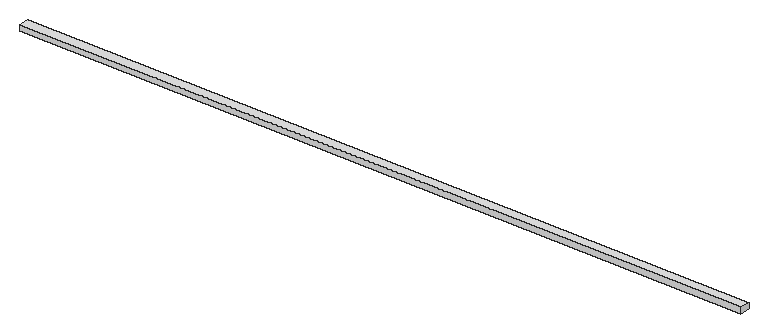
Revit family "MarshallTufflex_ElectricalFittings_TrunkingDado_Mini_MMT4a", category Generic Models, host Face, Revit 2016
Family settings
  Host = Face
  Part Type = Normal
  Can host rebar = No
  Round Connector Dimension = Use Diameter
  OmniClass Number = 23.80.30.17.14
  OmniClass Title = Wireways
  Cut with Voids When Loaded = Yes
  Shared = Yes
  Room Calculation Point = No
Parameters (values of type "MMT4")
  _DistributedBy = "www.bimstore.co.uk"
  _CurrentRevision = 1
  _CreatedBy = "www.marshall-tufflex.com"
  _BimSpecGuid = 0
  _BSBibleVersion = 15
  _AuthorizedBy = "IH"
  _Author = "Marshall-Tufflex Ltd"
  Weekly [instance] = "Please Record On Commisioning"
  WarrantyStartDate [instance] = "Please Record On Commisioning"
  WarrantyID [instance] = "Please Record On Commisioning"
  WarrantyGuarantorParts = "Sales@marshall-tufflex.com"
  WarrantyGuarantorLabor [instance] = "Please Record On Commisioning"
  WarrantyDurationUnit = "Years"
  WarrantyDurationParts = 0
  WarrantyDurationLabor = 0
  WarrantyDescription [instance] = "Please Record On Commisioning"
  URL = "www.marshall-tufflex.com"
  TypeName = "Marshall Tufflex Electrical Fitting Trunking Dado Mini"
  Type Comments = "Dado Trunking Single Compartment With Cover"
  Type = "Trunking"
  Sub-Type = "Dado"
  SquareAngleUp [instance] = no
  SquareAngleDown [instance] = no
  SpareParts = "Sales@marshall-tufflex.com"
  ShippingWeight = 0
  Shape = "38x25mm"
  SerialNumber [instance] = "Please Record On Commisioning"
  ResponsibleSourcingOfMaterials = "n/a"
  ResponsibleExtractionOfMaterials = "n/a"
  ReplacementCost = "Sales@marshall-tufflex.com"
  ReferencedStandard = "BS EN 50085-1"
  ReferenceStandard = "BS EN 50085-1"
  RadiusInternalBendCover [instance] = no
  RadiusFlatAngleCoverUp [instance] = no
  RadiusFlatAngleCoverDown [instance] = no
  RadiusFlatAngleAssemblyDown [instance] = no
  RadiusExternalBendCover [instance] = no
  RadiusExternalBendAssembly [instance] = no
  RadiusEqualTeeCoverUp [instance] = no
  RadiusEqualTeeCoverDown [instance] = no
  RadiusEqualTeeAssemblyUp [instance] = no
  RadiusEqualTeeAssemblyDown [instance] = no
  Quarterly [instance] = "Please Record On Commisioning"
  ProductionYear = "2018"
  ProductRange = "Mini"
  ProductModelNumber = "MMT4"
  ProductLiterature = "www.marshall-tufflex.com"
  OverallWidth = 25.000 mm
  OverallLength [instance] = 3000.000 mm
  OverallHeight = 38.000 mm
  O&Mmanual = "www.marshall-tufflex.com"
  NominalLength = 3000.000 mm
  NominalHeight = 38.000 mm
  NominalDepth = 25.000 mm
  NBSReference = "90-55-10/390"
  NBSOfficeMasterTag = "n/a"
  NBSObjectName = "MT MiniTrunkingMMT4"
  NBSNote = ""
  NBSDescription = "Proprietry Tunking"
  Monthly [instance] = "Please Record On Commisioning"
  ModelReference = "Mini"
  ModelNumber = "MMT4"
  Model = "Mini"
  MaterialIngredientReporting = "n/a"
  Material = "PVCu"
  ManufacturerWebsite = "www.marshall-tufflex.com"
  ManufacturerName = "Marshall-Tufflex Ltd"
  Manufacturer = "Marshall-Tufflex Ltd"
  MMT3SquareUnequalTeeUp [instance] = no
  MMT3SquareUnequalTeeDown [instance] = no
  MMT2SquareUnequalTeeUp [instance] = no
  MMT2SquareUnequalTeeDown [instance] = no
  MMT2CeilingTeeRH [instance] = no
  MMT2CeilingTeeLH [instance] = no
  MMT1SquareUnequalTeeUp [instance] = no
  MMT1SquareUnequalTeeDown [instance] = no
  LocationOfManufacturer = "N 50°52'39\" E 0°31'41\""
  LifeCycleAnalysis = "n/a"
  LidConfiguration = "Tamper Proof"
  Keynote = "V90"
  InternalBend [instance] = no
  InstallationDate [instance] = "Please Record On Commisioning"
  IfcExportType = "IfcCableSegmentType"
  IfcExportAs = "IfcFlowSegment"
  GrossWeight = 0
  GreenGuideforSpecification = 0
  Grade = "n/a"
  RadiusFlatAngleAssemblyUp [instance] = no
  Fittings = "www.marshall-tufflex.com"
  Finish = "Matt"
  Features = "Variety of sizes, self-fixing and punched options"
  ExternalBend [instance] = no
  ExpectedLife = 0
  ErPEnergyLabel = "n/a"
  EqualSquareTeeUp [instance] = no
  EqualSquareTeeDown [instance] = no
  EnvironmentalProductDeclaration = "n/a"
  EnergyTechnologyList = "n/a"
  EndCapRH [instance] = no
  EndCapLH [instance] = no
  EnclosureRating = "IP4X"
  EmbodiedCarbon = 0
  DurationUnit = "Years"
  DocumentationTechnical = "www.marshall-tufflex.com"
  DocumentationMaintenance = "www.marshall-tufflex.com"
  DocumentationLiterature = "www.marshall-tufflex.com"
  DocumentationInstallationGuide = "www.marshall-tufflex.com"
  DocumentationCertificates = "www.marshall-tufflex.com"
  Description = "Trunking Dado MT Mini MMT4"
  Default Elevation = 1200.000 mm
  Daily [instance] = "Please Record On Commisioning"
  CreatedOn = "2018-11-26T09:00:00"
  CreatedBy = "Sales@marshall-tufflex.com"
  Coupler [instance] = no
  Cost = 0
  Constituents = "Mini Trunking"
  Compartments = "No"
  Colour = "White (RAL9003)"
  Color = "White (RAL9003)"
  CodePerformance = "n/a"
  ClassificationValue = "Pr_65_70_11_61"
  ClassificationName = "Uniclass2015"
  CEApproval = "Yes"
  BespokeTimeframe [instance] = "Please Record On Commisioning"
  BarCode [instance] = "Please Record On Commisioning"
  BIMObjectName = "MarshallTufflex_ElectricalFittings_TrunkingDado_Mini_MMT4"
  AssetType = "Fixed"
  AssetIdentifier [instance] = "Please Record On Commisioning"
  Assembly Code = "D5010"
  Annually [instance] = "Please Record On Commisioning"
  AccessoryBoxDepth = "n/a"
  Accessories = "www.marshall-tufflex.com"
  AccessibilityPerformance = "n/a"
  AccessClearanceTop = 0.000 mm
  AccessClearanceRight = 0.000 mm
  AccessClearanceRear = 0.000 mm
  AccessClearanceLeft = 0.000 mm
  AccessClearanceFront = 0.000 mm
  AccessClearanceBottom = 0.000 mm
  6Monthly [instance] = "Please Record On Commisioning"
Reference planes
  plane 1 "Center (Front/Back)": y = 0
  plane 2: z = 0
  plane 3 "Center (Left/Right)": x = 0
  plane 4: x = 3000
  plane 5: y = -19
  plane 6: y = 19
  plane 7: z = 25
Forms (mm)
  Extrusion 1, solid, material "PVC, Unplasticized"
    sketch origin (0, 0, 0) x (0, 1, 0) y (0, 0, 1)
      loop
        line (19, 0) -> (19, 25) -> (-19, 25) -> (-19, 0) -> (19, 0)
    from 0 to 3000
Dimensions and locks
  "OverallLength": plane 4 to plane 3 "Center (Left/Right)"
  plane 3 "Center (Left/Right)" to plane 4 = 3000.000 mm
  equal spacing: plane 6, plane 1 "Center (Front/Back)", plane 5
  "OverallHeight": plane 6 to plane 5
  "OverallWidth": plane 7 to host face
  aligned and locked: plane 2 to host face
  aligned and locked: level to host face
  aligned and locked: plane 7 to Extrusion 1 sketch curve
  aligned and locked: Extrusion 1 sketch curve to level
  aligned and locked: Extrusion 1 sketch curve to plane 5
  aligned and locked: plane 6 to Extrusion 1 sketch curve
  aligned and locked: Extrusion 1 to plane 4
  aligned and locked: plane 1 "Center (Front/Back)" to nested 1
  aligned and locked: nested 1 to plane 4
  aligned and locked: plane 3 "Center (Left/Right)" to nested 2
  aligned and locked: plane 1 "Center (Front/Back)" to nested 2
  aligned and locked: nested 3 to plane 4
  aligned and locked: plane 1 "Center (Front/Back)" to nested 3
  aligned and locked: plane 4 to nested 5
  aligned and locked: plane 1 "Center (Front/Back)" to nested 5
  aligned and locked: nested 4 to plane 4
  aligned and locked: nested 4 to plane 1 "Center (Front/Back)"
  aligned and locked: plane 4 to nested 6
  aligned and locked: plane 1 "Center (Front/Back)" to nested 6
  aligned and locked: nested 7 to plane 4
  aligned and locked: nested 7 to plane 1 "Center (Front/Back)"
  aligned and locked: plane 4 to nested 9
  aligned and locked: plane 1 "Center (Front/Back)" to nested 9
  aligned and locked: nested 8 to plane 4
  aligned and locked: nested 8 to plane 1 "Center (Front/Back)"
  aligned and locked: plane 4 to nested 11
  aligned and locked: plane 1 "Center (Front/Back)" to nested 11
  aligned and locked: nested 10 to plane 4
  aligned and locked: nested 10 to plane 1 "Center (Front/Back)"
  aligned and locked: plane 4 to nested 13
  aligned and locked: plane 1 "Center (Front/Back)" to nested 13
  aligned and locked: nested 12 to plane 4
  aligned and locked: nested 12 to plane 1 "Center (Front/Back)"
  aligned and locked: plane 4 to nested 15
  aligned and locked: plane 1 "Center (Front/Back)" to nested 15
  aligned and locked: nested 14 to plane 4
  aligned and locked: nested 14 to plane 1 "Center (Front/Back)"
  aligned and locked: plane 4 to nested 17
  aligned and locked: plane 1 "Center (Front/Back)" to nested 17
  aligned and locked: nested 16 to plane 3 "Center (Left/Right)"
  aligned and locked: plane 1 "Center (Front/Back)" to nested 16
  aligned and locked: nested 18 to plane 4
  aligned and locked: plane 1 "Center (Front/Back)" to nested 18
  aligned and locked: nested 19 to plane 4
  aligned and locked: plane 1 "Center (Front/Back)" to nested 19
  aligned and locked: nested 20 to plane 4
  aligned and locked: plane 1 "Center (Front/Back)" to nested 20
  aligned and locked: plane 4 to nested 21
  aligned and locked: plane 1 "Center (Front/Back)" to nested 21
  aligned and locked: nested 22 to plane 4
  aligned and locked: plane 1 "Center (Front/Back)" to nested 22
  aligned and locked: nested 23 to plane 4
  aligned and locked: plane 1 "Center (Front/Back)" to nested 23
  aligned and locked: nested 24 to plane 4
  aligned and locked: plane 1 "Center (Front/Back)" to nested 24
  aligned and locked: plane 4 to nested 26
  aligned and locked: plane 1 "Center (Front/Back)" to nested 26
  aligned and locked: nested 25 to plane 4
  aligned and locked: plane 1 "Center (Front/Back)" to nested 25
  aligned and locked: nested 27 to plane 4
  aligned and locked: plane 1 "Center (Front/Back)" to nested 27
  aligned and locked: plane 4 to nested 28
  aligned and locked: plane 1 "Center (Front/Back)" to nested 28
Automatic sketch dimensions
  host sketch curve to host sketch curve = 2438.400 mm  (x2)
Nested families
  nested 1: "MarshallTufflex_ElectricalFittings_TrunkingDado_Coupler" at (2977.5, 0, 0), visible <- "Coupler", type "MarshallTufflex_ElectricalFittings_TrunkingDado_Mini_Coupler_TC4"
    with Weekly "Please Record On Commisioning", WarrantyStartDate "Please Record On Commisioning", WarrantyID "Please Record On Commisioning", WarrantyGuarantorLabor "Please Record On Commisioning", WarrantyDescription "Please Record On Commisioning", SerialNumber "Please Record On Commisioning", Quarterly "Please Record On Commisioning", Monthly "Please Record On Commisioning", InstallationDate "Please Record On Commisioning", Daily "Please Record On Commisioning", BespokeTimeframe "Please Record On Commisioning", BarCode "Please Record On Commisioning", AssetIdentifier "Please Record On Commisioning", Annually "Please Record On Commisioning", 6Monthly "Please Record On Commisioning"
  nested 2: "MarshallTufflex_ElectricalFittings_TrunkingDado_EndCap" at (-2, 0, 0), visible <- "EndCapLH", type "MarshallTufflex_ElectricalFittings_TrunkingDado_Mini_EndCap_TEC4"
    with Weekly "Please Record On Commisioning", WarrantyStartDate "Please Record On Commisioning", WarrantyID "Please Record On Commisioning", WarrantyGuarantorLabor "Please Record On Commisioning", WarrantyDescription "Please Record On Commisioning", SerialNumber "Please Record On Commisioning", Quarterly "Please Record On Commisioning", Monthly "Please Record On Commisioning", InstallationDate "Please Record On Commisioning", Daily "Please Record On Commisioning", BespokeTimeframe "Please Record On Commisioning", BarCode "Please Record On Commisioning", AssetIdentifier "Please Record On Commisioning", Annually "Please Record On Commisioning", 6Monthly "Please Record On Commisioning"
  nested 3: "MarshallTufflex_ElectricalFittings_TrunkingDado_EndCap" at (3000, 0, 0), visible <- "EndCapRH", type "MarshallTufflex_ElectricalFittings_TrunkingDado_Mini_EndCap_TEC4"
    with Weekly "Please Record On Commisioning", WarrantyStartDate "Please Record On Commisioning", WarrantyID "Please Record On Commisioning", WarrantyGuarantorLabor "Please Record On Commisioning", WarrantyDescription "Please Record On Commisioning", SerialNumber "Please Record On Commisioning", Quarterly "Please Record On Commisioning", Monthly "Please Record On Commisioning", InstallationDate "Please Record On Commisioning", Daily "Please Record On Commisioning", BespokeTimeframe "Please Record On Commisioning", BarCode "Please Record On Commisioning", AssetIdentifier "Please Record On Commisioning", Annually "Please Record On Commisioning", 6Monthly "Please Record On Commisioning"
  nested 4: "MarshallTufflex_ElectricalFittings_TrunkingDado_SquareEqualTee" at (3000, -36.5, 0) x (0, 1, 0) z (0, 0, 1), visible <- "EqualSquareTeeDown", type "MarshallTufflex_ElectricalFittings_TrunkingDado_Mini_EqualSquareTee_TT4-4"
    with Weekly "Please Record On Commisioning", WarrantyStartDate "Please Record On Commisioning", WarrantyID "Please Record On Commisioning", WarrantyGuarantorLabor "Please Record On Commisioning", WarrantyDescription "Please Record On Commisioning", SerialNumber "Please Record On Commisioning", Quarterly "Please Record On Commisioning", Monthly "Please Record On Commisioning", InstallationDate "Please Record On Commisioning", Daily "Please Record On Commisioning", BespokeTimeframe "Please Record On Commisioning", BarCode "Please Record On Commisioning", AssetIdentifier "Please Record On Commisioning", Annually "Please Record On Commisioning", 6Monthly "Please Record On Commisioning"
  nested 5: "MarshallTufflex_ElectricalFittings_TrunkingDado_SquareEqualTee" at (3000, 36.5, 0) x (0, -1, 0) z (0, 0, 1), visible <- "EqualSquareTeeUp", type "MarshallTufflex_ElectricalFittings_TrunkingDado_Mini_EqualSquareTee_TT4-4"
    with Weekly "Please Record On Commisioning", WarrantyStartDate "Please Record On Commisioning", WarrantyID "Please Record On Commisioning", WarrantyGuarantorLabor "Please Record On Commisioning", WarrantyDescription "Please Record On Commisioning", SerialNumber "Please Record On Commisioning", Quarterly "Please Record On Commisioning", Monthly "Please Record On Commisioning", InstallationDate "Please Record On Commisioning", Daily "Please Record On Commisioning", BespokeTimeframe "Please Record On Commisioning", BarCode "Please Record On Commisioning", AssetIdentifier "Please Record On Commisioning", Annually "Please Record On Commisioning", 6Monthly "Please Record On Commisioning"
  nested 6: "MarshallTufflex_ElectricalFittings_TrunkingDado_RadiusEqualTeeAssembly" at (3000, 86.5, 0) x (0, -1, 0) z (0, 0, 1), visible <- "RadiusEqualTeeAssemblyUp", type "MarshallTufflex_ElectricalFittings_TrunkingDado_Mini_RadiusEqualTeeAssembly_TDT4-4"
    with Weekly "Please Record On Commisioning", WarrantyStartDate "Please Record On Commisioning", WarrantyID "Please Record On Commisioning", WarrantyGuarantorLabor "Please Record On Commisioning", WarrantyDescription "Please Record On Commisioning", SerialNumber "Please Record On Commisioning", Quarterly "Please Record On Commisioning", Monthly "Please Record On Commisioning", InstallationDate "Please Record On Commisioning", Daily "Please Record On Commisioning", BespokeTimeframe "Please Record On Commisioning", BarCode "Please Record On Commisioning", AssetIdentifier "Please Record On Commisioning", Annually "Please Record On Commisioning", 6Monthly "Please Record On Commisioning"
  nested 7: "MarshallTufflex_ElectricalFittings_TrunkingDado_RadiusEqualTeeAssembly" at (3000, -86.5, 0) x (0, 1, 0) z (0, 0, 1), visible <- "RadiusEqualTeeAssemblyDown", type "MarshallTufflex_ElectricalFittings_TrunkingDado_Mini_RadiusEqualTeeAssembly_TDT4-4"
    with Weekly "Please Record On Commisioning", WarrantyStartDate "Please Record On Commisioning", WarrantyID "Please Record On Commisioning", WarrantyGuarantorLabor "Please Record On Commisioning", WarrantyDescription "Please Record On Commisioning", SerialNumber "Please Record On Commisioning", Quarterly "Please Record On Commisioning", Monthly "Please Record On Commisioning", InstallationDate "Please Record On Commisioning", Daily "Please Record On Commisioning", BespokeTimeframe "Please Record On Commisioning", BarCode "Please Record On Commisioning", AssetIdentifier "Please Record On Commisioning", Annually "Please Record On Commisioning", 6Monthly "Please Record On Commisioning"
  nested 8: "MarshallTufflex_ElectricalFittings_TrunkingDado_RadiusEqualTeeCover" at (3000, -86.5, 0) x (0, 1, 0) z (0, 0, 1), visible <- "RadiusEqualTeeCoverDown", type "MarshallTufflex_ElectricalFittings_TrunkingDado_Mini_RadiusEqualTeeCover_TDT4-4C"
    with Weekly "Please Record On Commisioning", WarrantyStartDate "Please Record On Commisioning", WarrantyID "Please Record On Commisioning", WarrantyGuarantorLabor "Please Record On Commisioning", WarrantyDescription "Please Record On Commisioning", SerialNumber "Please Record On Commisioning", Quarterly "Please Record On Commisioning", Monthly "Please Record On Commisioning", InstallationDate "Please Record On Commisioning", Daily "Please Record On Commisioning", BespokeTimeframe "Please Record On Commisioning", BarCode "Please Record On Commisioning", AssetIdentifier "Please Record On Commisioning", Annually "Please Record On Commisioning", 6Monthly "Please Record On Commisioning"
  nested 9: "MarshallTufflex_ElectricalFittings_TrunkingDado_RadiusEqualTeeCover" at (3000, 86.5, 0) x (0, -1, 0) z (0, 0, 1), visible <- "RadiusEqualTeeCoverUp", type "MarshallTufflex_ElectricalFittings_TrunkingDado_Mini_RadiusEqualTeeCover_TDT4-4C"
    with Weekly "Please Record On Commisioning", WarrantyStartDate "Please Record On Commisioning", WarrantyID "Please Record On Commisioning", WarrantyGuarantorLabor "Please Record On Commisioning", WarrantyDescription "Please Record On Commisioning", SerialNumber "Please Record On Commisioning", Quarterly "Please Record On Commisioning", Monthly "Please Record On Commisioning", InstallationDate "Please Record On Commisioning", Daily "Please Record On Commisioning", BespokeTimeframe "Please Record On Commisioning", BarCode "Please Record On Commisioning", AssetIdentifier "Please Record On Commisioning", Annually "Please Record On Commisioning", 6Monthly "Please Record On Commisioning"
  nested 10: "MarshallTufflex_ElectricalFittings_TrunkingDado_SquareUnequalTee" at (3000, -36.5, 0) x (0, 1, 0) z (0, 0, 1), visible <- "MMT1SquareUnequalTeeDown", type "MarshallTufflex_ElectricalFittings_TrunkingDado_Mini_SquareUnequalTee_TT4-1"
    with Weekly "Please Record On Commisioning", WarrantyStartDate "Please Record On Commisioning", WarrantyID "Please Record On Commisioning", WarrantyGuarantorLabor "Please Record On Commisioning", WarrantyDescription "Please Record On Commisioning", SerialNumber "Please Record On Commisioning", Quarterly "Please Record On Commisioning", Monthly "Please Record On Commisioning", InstallationDate "Please Record On Commisioning", Daily "Please Record On Commisioning", BespokeTimeframe "Please Record On Commisioning", BarCode "Please Record On Commisioning", AssetIdentifier "Please Record On Commisioning", Annually "Please Record On Commisioning", 6Monthly "Please Record On Commisioning"
  nested 11: "MarshallTufflex_ElectricalFittings_TrunkingDado_SquareUnequalTee" at (3000, 36.5, 0) x (0, -1, 0) z (0, 0, 1), visible <- "MMT1SquareUnequalTeeUp", type "MarshallTufflex_ElectricalFittings_TrunkingDado_Mini_SquareUnequalTee_TT4-1"
    with Weekly "Please Record On Commisioning", WarrantyStartDate "Please Record On Commisioning", WarrantyID "Please Record On Commisioning", WarrantyGuarantorLabor "Please Record On Commisioning", WarrantyDescription "Please Record On Commisioning", SerialNumber "Please Record On Commisioning", Quarterly "Please Record On Commisioning", Monthly "Please Record On Commisioning", InstallationDate "Please Record On Commisioning", Daily "Please Record On Commisioning", BespokeTimeframe "Please Record On Commisioning", BarCode "Please Record On Commisioning", AssetIdentifier "Please Record On Commisioning", Annually "Please Record On Commisioning", 6Monthly "Please Record On Commisioning"
  nested 12: "MarshallTufflex_ElectricalFittings_TrunkingDado_SquareUnequalTee" at (3000, -36.5, 0) x (0, 1, 0) z (0, 0, 1), visible <- "MMT2SquareUnequalTeeDown", type "MarshallTufflex_ElectricalFittings_TrunkingDado_Mini_SquareUnequalTee_TT4-2"
    with Weekly "Please Record On Commisioning", WarrantyStartDate "Please Record On Commisioning", WarrantyID "Please Record On Commisioning", WarrantyGuarantorLabor "Please Record On Commisioning", WarrantyDescription "Please Record On Commisioning", SerialNumber "Please Record On Commisioning", Quarterly "Please Record On Commisioning", Monthly "Please Record On Commisioning", InstallationDate "Please Record On Commisioning", Daily "Please Record On Commisioning", BespokeTimeframe "Please Record On Commisioning", BarCode "Please Record On Commisioning", AssetIdentifier "Please Record On Commisioning", Annually "Please Record On Commisioning", 6Monthly "Please Record On Commisioning"
  nested 13: "MarshallTufflex_ElectricalFittings_TrunkingDado_SquareUnequalTee" at (3000, 36.5, 0) x (0, -1, 0) z (0, 0, 1), visible <- "MMT2SquareUnequalTeeUp", type "MarshallTufflex_ElectricalFittings_TrunkingDado_Mini_SquareUnequalTee_TT4-2"
    with Weekly "Please Record On Commisioning", WarrantyStartDate "Please Record On Commisioning", WarrantyID "Please Record On Commisioning", WarrantyGuarantorLabor "Please Record On Commisioning", WarrantyDescription "Please Record On Commisioning", SerialNumber "Please Record On Commisioning", Quarterly "Please Record On Commisioning", Monthly "Please Record On Commisioning", InstallationDate "Please Record On Commisioning", Daily "Please Record On Commisioning", BespokeTimeframe "Please Record On Commisioning", BarCode "Please Record On Commisioning", AssetIdentifier "Please Record On Commisioning", Annually "Please Record On Commisioning", 6Monthly "Please Record On Commisioning"
  nested 14: "MarshallTufflex_ElectricalFittings_TrunkingDado_SquareUnequalTee" at (3000, -36.5, 0) x (0, 1, 0) z (0, 0, 1), visible <- "MMT3SquareUnequalTeeDown", type "MarshallTufflex_ElectricalFittings_TrunkingDado_Mini_SquareUnequalTee_TT4-3"
    with Weekly "Please Record On Commisioning", WarrantyStartDate "Please Record On Commisioning", WarrantyID "Please Record On Commisioning", WarrantyGuarantorLabor "Please Record On Commisioning", WarrantyDescription "Please Record On Commisioning", SerialNumber "Please Record On Commisioning", Quarterly "Please Record On Commisioning", Monthly "Please Record On Commisioning", InstallationDate "Please Record On Commisioning", Daily "Please Record On Commisioning", BespokeTimeframe "Please Record On Commisioning", BarCode "Please Record On Commisioning", AssetIdentifier "Please Record On Commisioning", Annually "Please Record On Commisioning", 6Monthly "Please Record On Commisioning"
  nested 15: "MarshallTufflex_ElectricalFittings_TrunkingDado_SquareUnequalTee" at (3000, 36.5, 0) x (0, -1, 0) z (0, 0, 1), visible <- "MMT3SquareUnequalTeeUp", type "MarshallTufflex_ElectricalFittings_TrunkingDado_Mini_SquareUnequalTee_TT4-3"
    with Weekly "Please Record On Commisioning", WarrantyStartDate "Please Record On Commisioning", WarrantyID "Please Record On Commisioning", WarrantyGuarantorLabor "Please Record On Commisioning", WarrantyDescription "Please Record On Commisioning", SerialNumber "Please Record On Commisioning", Quarterly "Please Record On Commisioning", Monthly "Please Record On Commisioning", InstallationDate "Please Record On Commisioning", Daily "Please Record On Commisioning", BespokeTimeframe "Please Record On Commisioning", BarCode "Please Record On Commisioning", AssetIdentifier "Please Record On Commisioning", Annually "Please Record On Commisioning", 6Monthly "Please Record On Commisioning"
  nested 16: "MarshallTufflex_ElectricalFittings_TrunkingDado_CeilingTee" at (0, 20.5, 0) x (0, -1, 0) z (0, 0, 1), visible <- "MMT2CeilingTeeLH", type "MarshallTufflex_ElectricalFittings_TrunkingDado_Mini_CeilingTee_TCT4-2"
    with Weekly "Please Record On Commisioning", WarrantyStartDate "Please Record On Commisioning", WarrantyID "Please Record On Commisioning", WarrantyGuarantorLabor "Please Record On Commisioning", WarrantyDescription "Please Record On Commisioning", SerialNumber "Please Record On Commisioning", Quarterly "Please Record On Commisioning", Monthly "Please Record On Commisioning", InstallationDate "Please Record On Commisioning", Daily "Please Record On Commisioning", BespokeTimeframe "Please Record On Commisioning", BarCode "Please Record On Commisioning", AssetIdentifier "Please Record On Commisioning", Annually "Please Record On Commisioning", 6Monthly "Please Record On Commisioning"
  nested 17: "MarshallTufflex_ElectricalFittings_TrunkingDado_CeilingTee" at (3000, 20.5, 0) x (0, -1, 0) z (0, 0, 1), visible <- "MMT2CeilingTeeRH", type "MarshallTufflex_ElectricalFittings_TrunkingDado_Mini_CeilingTee_TCT4-2"
    with Weekly "Please Record On Commisioning", WarrantyStartDate "Please Record On Commisioning", WarrantyID "Please Record On Commisioning", WarrantyGuarantorLabor "Please Record On Commisioning", WarrantyDescription "Please Record On Commisioning", SerialNumber "Please Record On Commisioning", Quarterly "Please Record On Commisioning", Monthly "Please Record On Commisioning", InstallationDate "Please Record On Commisioning", Daily "Please Record On Commisioning", BespokeTimeframe "Please Record On Commisioning", BarCode "Please Record On Commisioning", AssetIdentifier "Please Record On Commisioning", Annually "Please Record On Commisioning", 6Monthly "Please Record On Commisioning"
  nested 18: "MarshallTufflex_ElectricalFittings_TrunkingDado_InternalBend" at (3000, 0, 0), visible <- "InternalBend", type "MarshallTufflex_ElectricalFittings_TrunkingDado_Mini_InternalBend_TIB4"
    with Weekly "Please Record On Commisioning", WarrantyStartDate "Please Record On Commisioning", WarrantyID "Please Record On Commisioning", WarrantyGuarantorLabor "Please Record On Commisioning", WarrantyDescription "Please Record On Commisioning", SerialNumber "Please Record On Commisioning", Quarterly "Please Record On Commisioning", Monthly "Please Record On Commisioning", InstallationDate "Please Record On Commisioning", Daily "Please Record On Commisioning", BespokeTimeframe "Please Record On Commisioning", BarCode "Please Record On Commisioning", AssetIdentifier "Please Record On Commisioning", Annually "Please Record On Commisioning", 6Monthly "Please Record On Commisioning"
  nested 19: "MarshallTufflex_ElectricalFittings_TrunkingDado_ExternalBend" at (3000, 0, 0), visible <- "ExternalBend", type "MarshallTufflex_ElectricalFittings_TrunkingDado_Mini_ExternalBend_TEB4"
    with Weekly "Please Record On Commisioning", WarrantyStartDate "Please Record On Commisioning", WarrantyID "Please Record On Commisioning", WarrantyGuarantorLabor "Please Record On Commisioning", WarrantyDescription "Please Record On Commisioning", SerialNumber "Please Record On Commisioning", Quarterly "Please Record On Commisioning", Monthly "Please Record On Commisioning", InstallationDate "Please Record On Commisioning", Daily "Please Record On Commisioning", BespokeTimeframe "Please Record On Commisioning", BarCode "Please Record On Commisioning", AssetIdentifier "Please Record On Commisioning", Annually "Please Record On Commisioning", 6Monthly "Please Record On Commisioning"
  nested 20: "MarshallTufflex_ElectricalFittings_TrunkingDado_SquareAngle" at (3000, 0, 0), visible <- "SquareAngleDown", type "MarshallTufflex_ElectricalFittings_TrunkingDado_Mini_SquareAngle_TFB4"
    with Weekly "Please Record On Commisioning", WarrantyStartDate "Please Record On Commisioning", WarrantyID "Please Record On Commisioning", WarrantyGuarantorLabor "Please Record On Commisioning", WarrantyDescription "Please Record On Commisioning", SerialNumber "Please Record On Commisioning", Quarterly "Please Record On Commisioning", Monthly "Please Record On Commisioning", InstallationDate "Please Record On Commisioning", Daily "Please Record On Commisioning", BespokeTimeframe "Please Record On Commisioning", BarCode "Please Record On Commisioning", AssetIdentifier "Please Record On Commisioning", Annually "Please Record On Commisioning", 6Monthly "Please Record On Commisioning"
  nested 21: "MarshallTufflex_ElectricalFittings_TrunkingDado_SquareAngle" at (3000, 0, 0) x (0, -1, 0) z (0, 0, 1), visible <- "SquareAngleUp", type "MarshallTufflex_ElectricalFittings_TrunkingDado_Mini_SquareAngle_TFB4"
    with Weekly "Please Record On Commisioning", WarrantyStartDate "Please Record On Commisioning", WarrantyID "Please Record On Commisioning", WarrantyGuarantorLabor "Please Record On Commisioning", WarrantyDescription "Please Record On Commisioning", SerialNumber "Please Record On Commisioning", Quarterly "Please Record On Commisioning", Monthly "Please Record On Commisioning", InstallationDate "Please Record On Commisioning", Daily "Please Record On Commisioning", BespokeTimeframe "Please Record On Commisioning", BarCode "Please Record On Commisioning", AssetIdentifier "Please Record On Commisioning", Annually "Please Record On Commisioning", 6Monthly "Please Record On Commisioning"
  nested 22: "MarshallTufflex_ElectricalFittings_TrunkingDado_RadiusInternalBendCover" at (3000, 0, 0), visible <- "RadiusInternalBendCover", type "MarshallTufflex_ElectricalFittings_TrunkingDado_Mini_RadiusInternalBendCover_TIDB4C"
    with Weekly "Please Record On Commisioning", WarrantyStartDate "Please Record On Commisioning", WarrantyID "Please Record On Commisioning", WarrantyGuarantorLabor "Please Record On Commisioning", WarrantyDescription "Please Record On Commisioning", SerialNumber "Please Record On Commisioning", Quarterly "Please Record On Commisioning", Monthly "Please Record On Commisioning", InstallationDate "Please Record On Commisioning", Daily "Please Record On Commisioning", BespokeTimeframe "Please Record On Commisioning", BarCode "Please Record On Commisioning", AssetIdentifier "Please Record On Commisioning", Annually "Please Record On Commisioning", 6Monthly "Please Record On Commisioning"
  nested 23: "MarshallTufflex_ElectricalFittings_TrunkingDado_RadiusExternalBend" at (3000, 0, 0), visible <- "RadiusExternalBendAssembly", type "MarshallTufflex_ElectricalFittings_TrunkingDado_Mini_RadiusExternalBendAssembly_TEDB4"
    with Weekly "Please Record On Commisioning", WarrantyStartDate "Please Record On Commisioning", WarrantyID "Please Record On Commisioning", WarrantyGuarantorLabor "Please Record On Commisioning", WarrantyDescription "Please Record On Commisioning", SerialNumber "Please Record On Commisioning", Quarterly "Please Record On Commisioning", Monthly "Please Record On Commisioning", InstallationDate "Please Record On Commisioning", Daily "Please Record On Commisioning", BespokeTimeframe "Please Record On Commisioning", BarCode "Please Record On Commisioning", AssetIdentifier "Please Record On Commisioning", Annually "Please Record On Commisioning", 6Monthly "Please Record On Commisioning"
  nested 24: "MarshallTufflex_ElectricalFittings_TrunkingDado_RadiusExternalBend" at (3000, 0, 0), visible <- "RadiusExternalBendCover", type "MarshallTufflex_ElectricalFittings_TrunkingDado_Mini_RadiusExternalBendCover_TEDB4C"
    with Weekly "Please Record On Commisioning", WarrantyStartDate "Please Record On Commisioning", WarrantyID "Please Record On Commisioning", WarrantyGuarantorLabor "Please Record On Commisioning", WarrantyDescription "Please Record On Commisioning", SerialNumber "Please Record On Commisioning", Quarterly "Please Record On Commisioning", Monthly "Please Record On Commisioning", InstallationDate "Please Record On Commisioning", Daily "Please Record On Commisioning", BespokeTimeframe "Please Record On Commisioning", BarCode "Please Record On Commisioning", AssetIdentifier "Please Record On Commisioning", Annually "Please Record On Commisioning", 6Monthly "Please Record On Commisioning"
  nested 25: "MarshallTufflex_ElectricalFittings_TrunkingDado_RadiusFlatAngle" at (3000, 0, 0), visible <- "RadiusFlatAngleAssemblyDown", type "MarshallTufflex_ElectricalFittings_TrunkingDado_Mini_RadiusFlatAngleAssembly_TFDB4"
    with Weekly "Please Record On Commisioning", WarrantyStartDate "Please Record On Commisioning", WarrantyID "Please Record On Commisioning", WarrantyGuarantorLabor "Please Record On Commisioning", WarrantyDescription "Please Record On Commisioning", SerialNumber "Please Record On Commisioning", Quarterly "Please Record On Commisioning", Monthly "Please Record On Commisioning", InstallationDate "Please Record On Commisioning", Daily "Please Record On Commisioning", BespokeTimeframe "Please Record On Commisioning", BarCode "Please Record On Commisioning", AssetIdentifier "Please Record On Commisioning", Annually "Please Record On Commisioning", 6Monthly "Please Record On Commisioning"
  nested 26: "MarshallTufflex_ElectricalFittings_TrunkingDado_RadiusFlatAngle" at (3000, 0, 0) x (0, -1, 0) z (0, 0, 1), visible <- "RadiusFlatAngleAssemblyUp", type "MarshallTufflex_ElectricalFittings_TrunkingDado_Mini_RadiusFlatAngleAssembly_TFDB4"
    with Weekly "Please Record On Commisioning", WarrantyStartDate "Please Record On Commisioning", WarrantyID "Please Record On Commisioning", WarrantyGuarantorLabor "Please Record On Commisioning", WarrantyDescription "Please Record On Commisioning", SerialNumber "Please Record On Commisioning", Quarterly "Please Record On Commisioning", Monthly "Please Record On Commisioning", InstallationDate "Please Record On Commisioning", Daily "Please Record On Commisioning", BespokeTimeframe "Please Record On Commisioning", BarCode "Please Record On Commisioning", AssetIdentifier "Please Record On Commisioning", Annually "Please Record On Commisioning", 6Monthly "Please Record On Commisioning"
  nested 27: "MarshallTufflex_ElectricalFittings_TrunkingDado_RadiusFlatAngle" at (3000, 0, 0), visible <- "RadiusFlatAngleCoverDown", type "MarshallTufflex_ElectricalFittings_TrunkingDado_Mini_RadiusFlatAngleCover_TFDB4C"
    with Weekly "Please Record On Commisioning", WarrantyStartDate "Please Record On Commisioning", WarrantyID "Please Record On Commisioning", WarrantyGuarantorLabor "Please Record On Commisioning", WarrantyDescription "Please Record On Commisioning", SerialNumber "Please Record On Commisioning", Quarterly "Please Record On Commisioning", Monthly "Please Record On Commisioning", InstallationDate "Please Record On Commisioning", Daily "Please Record On Commisioning", BespokeTimeframe "Please Record On Commisioning", BarCode "Please Record On Commisioning", AssetIdentifier "Please Record On Commisioning", Annually "Please Record On Commisioning", 6Monthly "Please Record On Commisioning"
  nested 28: "MarshallTufflex_ElectricalFittings_TrunkingDado_RadiusFlatAngle" at (3000, 0, 0) x (0, -1, 0) z (0, 0, 1), visible <- "RadiusFlatAngleCoverUp", type "MarshallTufflex_ElectricalFittings_TrunkingDado_Mini_RadiusFlatAngleCover_TFDB4C"
    with Weekly "Please Record On Commisioning", WarrantyStartDate "Please Record On Commisioning", WarrantyID "Please Record On Commisioning", WarrantyGuarantorLabor "Please Record On Commisioning", WarrantyDescription "Please Record On Commisioning", SerialNumber "Please Record On Commisioning", Quarterly "Please Record On Commisioning", Monthly "Please Record On Commisioning", InstallationDate "Please Record On Commisioning", Daily "Please Record On Commisioning", BespokeTimeframe "Please Record On Commisioning", BarCode "Please Record On Commisioning", AssetIdentifier "Please Record On Commisioning", Annually "Please Record On Commisioning", 6Monthly "Please Record On Commisioning"
Definition of nested family "MarshallTufflex_ElectricalFittings_TrunkingDado_Coupler"
  Parameters (values of type "MarshallTufflex_ElectricalFittings_TrunkingDado_Mini_Coupler_TC6")
    _DistributedBy = "www.bimstore.co.uk"
    _CurrentRevision = 1
    _CreatedBy = "www.marshall-tufflex.com"
    _BimSpecGuid = 0
    _BSBibleVersion = 15
    _AuthorizedBy = ""
    _Author = "Marshall-Tufflex Ltd"
    Weekly [instance] = "Please Record On Commisioning"
    WarrantyStartDate [instance] = "Please Record On Commisioning"
    WarrantyID [instance] = "Please Record On Commisioning"
    WarrantyGuarantorParts = "Sales@marshall-tufflex.com"
    WarrantyGuarantorLabor [instance] = "Please Record On Commisioning"
    WarrantyDurationUnit = "Years"
    WarrantyDurationParts = 0
    WarrantyDurationLabor = 0
    WarrantyDescription [instance] = "Please Record On Commisioning"
    URL = "www.marshall-tufflex.com"
    TypeName = "Marshall Tufflex Electrical Fitting Trunking Dado Mini"
    Type Comments = "Dado Trunking MMT6 Coupler"
    Type = "Trunking"
    Sub-Type = "Fitting"
    SpareParts = "Sales@marshall-tufflex.com"
    ShippingWeight = 0
    Shape = "40x40mm"
    SerialNumber [instance] = "Please Record On Commisioning"
    ResponsibleSourcingOfMaterials = "n/a"
    ResponsibleExtractionOfMaterials = "n/a"
    ReplacementCost = "Sales@marshall-tufflex.com"
    ReferencedStandard = "BS EN 50085-1"
    ReferenceStandard = "BS EN 50085-1"
    Quarterly [instance] = "Please Record On Commisioning"
    ProductionYear = "2018"
    ProductRange = "Mini"
    ProductModelNumber = "TC6"
    ProductLiterature = "www.marshall-tufflex.com"
    OverallWidth = 40.000 mm
    OverallLength = 50.000 mm
    OverallHeight = 40.000 mm
    O&Mmanual = "www.marshall-tufflex.com"
    NominalLength = 50.000 mm
    NominalHeight = 40.000 mm
    NominalDepth = 40.000 mm
    NBSReference = "90-55-10/390"
    NBSOfficeMasterTag = "n/a"
    NBSObjectName = "MT MiniCouplerTC6"
    NBSNote = ""
    NBSDescription = "Proprietry Tunking"
    Monthly [instance] = "Please Record On Commisioning"
    ModelReference = "Mini"
    ModelNumber = "TC6"
    Model = "Mini"
    MaterialIngredientReporting = "n/a"
    Material = "PVCu"
    ManufacturerWebsite = "www.marshall-tufflex.com"
    ManufacturerName = "Marshall-Tufflex Ltd"
    Manufacturer = "Marshall-Tufflex Ltd"
    LocationOfManufacturer = "N 50°52'39\" E 0°31'41\""
    LifeCycleAnalysis = "n/a"
    LidConfiguration = "Tamper Proof"
    Keynote = "V90"
    InstallationDate [instance] = "Please Record On Commisioning"
    IfcExportType = "IfcCableSegmentType"
    IfcExportAs = "IfcFlowSegment"
    GrossWeight = 0
    GreenGuideforSpecification = 0
    Grade = "n/a"
    Fittings = "www.marshall-tufflex.com"
    Finish = "Matt"
    Features = "Variety of sizes, self-fixing and punched options"
    ExpectedLife = 0
    ErPEnergyLabel = "n/a"
    EnvironmentalProductDeclaration = "n/a"
    EnergyTechnologyList = "n/a"
    EnclosureRating = "IP4X"
    EmbodiedCarbon = 0
    DurationUnit = "Years"
    DocumentationTechnical = "www.marshall-tufflex.com"
    DocumentationMaintenance = "www.marshall-tufflex.com"
    DocumentationLiterature = "www.marshall-tufflex.com"
    DocumentationInstallationGuide = "www.marshall-tufflex.com"
    DocumentationCertificates = "www.marshall-tufflex.com"
    Description = "Trunking Dado MT Mini Coupler TC6"
    Default Elevation = 1200.000 mm
    DatumLine = OverallLength / 2  # 25.000 mm
    Daily [instance] = "Please Record On Commisioning"
    CreatedOn = "2018-11-26T09:00:00"
    CreatedBy = "Sales@marshall-tufflex.com"
    Cost = 0
    Constituents = "Mini Trunking"
    Compartments = "No"
    Colour = "White (RAL9003)"
    Color = "White (RAL9003)"
    CodePerformance = "n/a"
    ClassificationValue = "Pr_65_70_11_61"
    ClassificationName = "Uniclass2015"
    CEApproval = "Yes"
    BespokeTimeframe [instance] = "Please Record On Commisioning"
    BarCode [instance] = "Please Record On Commisioning"
    BIMObjectName = "MarshallTufflex_ElectricalFittings_TrunkingDado_Mini_Coupler_TC6"
    AssetType = "Fixed"
    AssetIdentifier [instance] = "Please Record On Commisioning"
    Assembly Code = "D5010"
    Annually [instance] = "Please Record On Commisioning"
    AccessoryBoxDepth = "n/a"
    Accessories = "www.marshall-tufflex.com"
    AccessibilityPerformance = "n/a"
    AccessClearanceTop = 0.000 mm
    AccessClearanceRight = 0.000 mm
    AccessClearanceRear = 0.000 mm
    AccessClearanceLeft = 0.000 mm
    AccessClearanceFront = 0.000 mm
    AccessClearanceBottom = 0.000 mm
    6Monthly [instance] = "Please Record On Commisioning"
  Types (6, lengths in mm): name | Type Comments | Shape | ProductModelNumber | OverallWidth | OverallLength | OverallHeight | NominalLength | NominalHeight | NominalDepth | NBSObjectName | ModelNumber | Description | DatumLine | BIMObjectName
    MarshallTufflex_ElectricalFittings_TrunkingDado_Mini_Coupler_TC1 | "Dado Trunking MMT1 Coupler" | "19x18mm" | "TC1" | 18.000 | 45.000 | 19.000 | 45.000 | 19.000 | 18.000 | "MT MiniCouplerTC1" | "TC1" | "Trunking Dado MT Mini Coupler TC1" | 22.500 | "MarshallTufflex_ElectricalFittings_TrunkingDado_Mini_Coupler_TC1"
    MarshallTufflex_ElectricalFittings_TrunkingDado_Mini_Coupler_TC2 | "Dado Trunking MMT2 Coupler" | "28x18mm" | "TC2" | 18.000 | 45.000 | 28.000 | 45.000 | 28.000 | 18.000 | "MT MiniCouplerTC2" | "TC2" | "Trunking Dado MT Mini Coupler TC2" | 22.500 | "MarshallTufflex_ElectricalFittings_TrunkingDado_Mini_Coupler_TC2"
    MarshallTufflex_ElectricalFittings_TrunkingDado_Mini_Coupler_TC3 | "Dado Trunking MMT3 Coupler" | "41x18mm" | "TC3" | 18.000 | 45.000 | 41.000 | 45.000 | 41.000 | 18.000 | "MT MiniCouplerTC3" | "TC3" | "Trunking Dado MT Mini Coupler TC3" | 22.500 | "MarshallTufflex_ElectricalFittings_TrunkingDado_Mini_Coupler_TC3"
    MarshallTufflex_ElectricalFittings_TrunkingDado_Mini_Coupler_TC4 | "Dado Trunking MMT4 Coupler" | "41x27mm" | "TC4" | 27.000 | 45.000 | 41.000 | 45.000 | 41.000 | 27.000 | "MT MiniCouplerTC4" | "TC4" | "Trunking Dado MT Mini Coupler TC4" | 22.500 | "MarshallTufflex_ElectricalFittings_TrunkingDado_Mini_Coupler_TC4"
    MarshallTufflex_ElectricalFittings_TrunkingDado_Mini_Coupler_TC5 | "Dado Trunking MMT5 Coupler" | "53x27mm" | "TC5" | 27.000 | 85.000 | 53.000 | 85.000 | 53.000 | 27.000 | "MT MiniCouplerTC5" | "TC5" | "Trunking Dado MT Mini Coupler TC5" | 42.500 | "MarshallTufflex_ElectricalFittings_TrunkingDado_Mini_Coupler_TC5"
    MarshallTufflex_ElectricalFittings_TrunkingDado_Mini_Coupler_TC6 | "Dado Trunking MMT6 Coupler" | "40x40mm" | "TC6" | 40.000 | 50.000 | 40.000 | 50.000 | 40.000 | 40.000 | "MT MiniCouplerTC6" | "TC6" | "Trunking Dado MT Mini Coupler TC6" | 25.000 | "MarshallTufflex_ElectricalFittings_TrunkingDado_Mini_Coupler_TC6"
  Reference planes
    plane 1 "Center (Front/Back)": y = 0
    plane 2: z = 0
    plane 3 "Center (Left/Right)": x = 0
    plane 4: x = 50
    plane 5: y = -20
    plane 6: y = 20
    plane 7: z = 40
    plane 8: x = 25
  Forms (mm)
    Extrusion 1, solid
      sketch origin (0, 0, 0) x (1, 0, 0) y (0, 1, 0)
        loop
          line (-1219.2, 1219.2) -> (-1219.2, -1219.2) -> (1219.2, -1219.2) -> (1219.2, 1219.2) -> (-1219.2, 1219.2)
      from 0 to -304.8
    Extrusion 2, solid
      sketch origin (0, 0, 0) x (1, 0, 0) y (0, 1, 0)
        loop
          line (0, -20) -> (50, -20) -> (50, 20) -> (0, 20) -> (0, -20)
      from 0 to 40
  Dimensions and locks
    "OverallLength": plane 4 to plane 3 "Center (Left/Right)"
    plane 3 "Center (Left/Right)" to plane 4 = 50.000 mm
    equal spacing: plane 6, plane 1 "Center (Front/Back)", plane 5
    "OverallHeight": plane 6 to plane 5
    "OverallWidth": plane 7 to Extrusion 1
    "DatumLine": plane 3 "Center (Left/Right)" to plane 8
    aligned and locked: plane 2 to Extrusion 1
    aligned and locked: level to Extrusion 1
    aligned and locked: plane 6 to Extrusion 2 sketch curve
    aligned and locked: Extrusion 2 sketch curve to plane 5
    aligned and locked: Extrusion 2 sketch curve to plane 4
    aligned and locked: Extrusion 2 sketch curve to plane 3 "Center (Left/Right)"
    aligned and locked: plane 7 to Extrusion 2
  Automatic sketch dimensions
    Extrusion 1 sketch curve to Extrusion 1 sketch curve = 2438.400 mm  (x2)
Definition of nested family "MarshallTufflex_ElectricalFittings_TrunkingDado_EndCap"
  Parameters (values of type "MarshallTufflex_ElectricalFittings_TrunkingDado_Mini_EndCap_TEC1")
    _DistributedBy = "www.bimstore.co.uk"
    _CurrentRevision = 1
    _CreatedBy = "www.marshall-tufflex.com"
    _BimSpecGuid = 0
    _BSBibleVersion = 15
    _AuthorizedBy = ""
    _Author = "Marshall-Tufflex Ltd"
    Weekly [instance] = "Please Record On Commisioning"
    WarrantyStartDate [instance] = "Please Record On Commisioning"
    WarrantyID [instance] = "Please Record On Commisioning"
    WarrantyGuarantorParts = "Sales@marshall-tufflex.com"
    WarrantyGuarantorLabor [instance] = "Please Record On Commisioning"
    WarrantyDurationUnit = "Years"
    WarrantyDurationParts = 0
    WarrantyDurationLabor = 0
    WarrantyDescription [instance] = "Please Record On Commisioning"
    URL = "www.marshall-tufflex.com"
    TypeName = "Marshall Tufflex Electrical Fitting Trunking Dado Mini"
    Type Comments = "Dado Trunking MMT1 End Cap"
    Type = "Trunking"
    Sub-Type = "Fitting"
    SpareParts = "Sales@marshall-tufflex.com"
    ShippingWeight = 0
    Shape = "16x16mm"
    SerialNumber [instance] = "Please Record On Commisioning"
    ResponsibleSourcingOfMaterials = "n/a"
    ResponsibleExtractionOfMaterials = "n/a"
    ReplacementCost = "Sales@marshall-tufflex.com"
    ReferencedStandard = "BS EN 50085-1"
    ReferenceStandard = "BS EN 50085-1"
    Quarterly [instance] = "Please Record On Commisioning"
    ProductionYear = "2018"
    ProductRange = "Mini"
    ProductModelNumber = "TEC1"
    ProductLiterature = "www.marshall-tufflex.com"
    OverallWidth = 16.000 mm
    OverallLength = 2.000 mm
    OverallHeight = 16.000 mm
    O&Mmanual = "www.marshall-tufflex.com"
    NominalLength = 2.000 mm
    NominalHeight = 16.000 mm
    NominalDepth = 16.000 mm
    NBSReference = "90-55-10/390"
    NBSOfficeMasterTag = "n/a"
    NBSObjectName = "MT MiniEndCapTEC1"
    NBSNote = ""
    NBSDescription = "Proprietry Tunking"
    Monthly [instance] = "Please Record On Commisioning"
    ModelReference = "Mini"
    ModelNumber = "TEC1"
    Model = "Mini"
    MaterialIngredientReporting = "n/a"
    Material = "PVCu"
    ManufacturerWebsite = "www.marshall-tufflex.com"
    ManufacturerName = "Marshall-Tufflex Ltd"
    Manufacturer = "Marshall-Tufflex Ltd"
    LocationOfManufacturer = "N 50°52'39\" E 0°31'41\""
    LifeCycleAnalysis = "n/a"
    LidConfiguration = "Tamper Proof"
    Keynote = "V90"
    InstallationDate [instance] = "Please Record On Commisioning"
    IfcExportType = "IfcCableSegmentType"
    IfcExportAs = "IfcFlowSegment"
    GrossWeight = 0
    GreenGuideforSpecification = 0
    Grade = "n/a"
    Fittings = "www.marshall-tufflex.com"
    Finish = "Matt"
    Features = "Variety of sizes, self-fixing and punched options"
    ExpectedLife = 0
    ErPEnergyLabel = "n/a"
    EnvironmentalProductDeclaration = "n/a"
    EnergyTechnologyList = "n/a"
    EnclosureRating = "IP4X"
    EmbodiedCarbon = 0
    DurationUnit = "Years"
    DocumentationTechnical = "www.marshall-tufflex.com"
    DocumentationMaintenance = "www.marshall-tufflex.com"
    DocumentationLiterature = "www.marshall-tufflex.com"
    DocumentationInstallationGuide = "www.marshall-tufflex.com"
    DocumentationCertificates = "www.marshall-tufflex.com"
    Description = "Trunking Dado MT Mini End Cap TEC1"
    Default Elevation = 1200.000 mm
    Daily [instance] = "Please Record On Commisioning"
    CreatedOn = "2018-11-26T09:00:00"
    CreatedBy = "Sales@marshall-tufflex.com"
    Cost = 0
    Constituents = "Mini Trunking"
    Compartments = "No"
    Colour = "White (RAL9003)"
    Color = "White (RAL9003)"
    CodePerformance = "n/a"
    ClassificationValue = "Pr_65_70_11_61"
    ClassificationName = "Uniclass2015"
    CEApproval = "Yes"
    BespokeTimeframe [instance] = "Please Record On Commisioning"
    BarCode [instance] = "Please Record On Commisioning"
    BIMObjectName = "MarshallTufflex_ElectricalFittings_TrunkingDado_Mini_EndCap_TEC1"
    AssetType = "Fixed"
    AssetIdentifier [instance] = "Please Record On Commisioning"
    Assembly Code = "D5010"
    Annually [instance] = "Please Record On Commisioning"
    AccessoryBoxDepth = "n/a"
    Accessories = "www.marshall-tufflex.com"
    AccessibilityPerformance = "n/a"
    AccessClearanceTop = 0.000 mm
    AccessClearanceRight = 0.000 mm
    AccessClearanceRear = 0.000 mm
    AccessClearanceLeft = 0.000 mm
    AccessClearanceFront = 0.000 mm
    AccessClearanceBottom = 0.000 mm
    6Monthly [instance] = "Please Record On Commisioning"
  Types (6, lengths in mm): name | Type Comments | Shape | ProductModelNumber | OverallWidth | OverallHeight | NominalHeight | NominalDepth | NBSObjectName | ModelNumber | Description | BIMObjectName
    MarshallTufflex_ElectricalFittings_TrunkingDado_Mini_EndCap_TEC1 | "Dado Trunking MMT1 End Cap" | "16x16mm" | "TEC1" | 16.000 | 16.000 | 16.000 | 16.000 | "MT MiniEndCapTEC1" | "TEC1" | "Trunking Dado MT Mini End Cap TEC1" | "MarshallTufflex_ElectricalFittings_TrunkingDado_Mini_EndCap_TEC1"
    MarshallTufflex_ElectricalFittings_TrunkingDado_Mini_EndCap_TEC2 | "Dado Trunking MMT2 End Cap" | "25x16mm" | "TEC2" | 16.000 | 25.000 | 25.000 | 16.000 | "MT MiniEndCapTEC2" | "TEC2" | "Trunking Dado MT Mini End Cap TEC2" | "MarshallTufflex_ElectricalFittings_TrunkingDado_Mini_EndCap_TEC2"
    MarshallTufflex_ElectricalFittings_TrunkingDado_Mini_EndCap_TEC3 | "Dado Trunking MMT3 End Cap" | "38x16mm" | "TEC3" | 16.000 | 38.000 | 38.000 | 16.000 | "MT MiniEndCapTEC3" | "TEC3" | "Trunking Dado MT Mini End Cap TEC3" | "MarshallTufflex_ElectricalFittings_TrunkingDado_Mini_EndCap_TEC3"
    MarshallTufflex_ElectricalFittings_TrunkingDado_Mini_EndCap_TEC4 | "Dado Trunking MMT4 End Cap" | "38x25mm" | "TEC4" | 25.000 | 38.000 | 38.000 | 25.000 | "MT MiniEndCapTEC4" | "TEC4" | "Trunking Dado MT Mini End Cap TEC4" | "MarshallTufflex_ElectricalFittings_TrunkingDado_Mini_EndCap_TEC4"
    MarshallTufflex_ElectricalFittings_TrunkingDado_Mini_EndCap_TEC5 | "Dado Trunking MMT5 End Cap" | "50x25mm" | "TEC5" | 25.000 | 50.000 | 50.000 | 25.000 | "MT MiniEndCapTEC5" | "TEC5" | "Trunking Dado MT Mini End Cap TEC5" | "MarshallTufflex_ElectricalFittings_TrunkingDado_Mini_EndCap_TEC5"
    MarshallTufflex_ElectricalFittings_TrunkingDado_Mini_EndCap_TEC6 | "Dado Trunking MMT6 End Cap" | "38x38mm" | "TEC6" | 38.000 | 38.000 | 38.000 | 38.000 | "MT MiniEndCapTEC6" | "TEC6" | "Trunking Dado MT Mini End Cap TEC6" | "MarshallTufflex_ElectricalFittings_TrunkingDado_Mini_EndCap_TEC6"
  Reference planes
    plane 1 "Center (Front/Back)": y = 0
    plane 2: z = 0
    plane 3 "Center (Left/Right)": x = 0
    plane 4: x = 2
    plane 5: y = -8
    plane 6: y = 8
    plane 7: z = 16
  Forms (mm)
    Extrusion 1, solid
      sketch origin (0, 0, 0) x (1, 0, 0) y (0, 1, 0)
        loop
          line (-1219.2, 1219.2) -> (-1219.2, -1219.2) -> (1219.2, -1219.2) -> (1219.2, 1219.2) -> (-1219.2, 1219.2)
      from 0 to -304.8
    Extrusion 2, solid
      sketch origin (0, 0, 0) x (0, 1, 0) y (0, 0, 1)
        loop
          line (8, 16) -> (-8, 16) -> (-8, 0) -> (8, 0) -> (8, 16)
      from 0 to 2
  Dimensions and locks
    "OverallLength": plane 4 to plane 3 "Center (Left/Right)"
    plane 3 "Center (Left/Right)" to plane 4 = 2.000 mm
    equal spacing: plane 6, plane 1 "Center (Front/Back)", plane 5
    "OverallHeight": plane 6 to plane 5
    "OverallWidth": plane 7 to Extrusion 1
    aligned and locked: plane 2 to Extrusion 1
    aligned and locked: level to Extrusion 1
    aligned and locked: plane 7 to Extrusion 2 sketch curve
    aligned and locked: plane 6 to Extrusion 2 sketch curve
    aligned and locked: Extrusion 2 sketch curve to level
    aligned and locked: Extrusion 2 sketch curve to plane 5
    aligned and locked: Extrusion 2 to plane 4
  Automatic sketch dimensions
    Extrusion 1 sketch curve to Extrusion 1 sketch curve = 2438.400 mm  (x2)
Definition of nested family "MarshallTufflex_ElectricalFittings_TrunkingDado_SquareEqualTee"
  Parameters (values of type "MarshallTufflex_ElectricalFittings_TrunkingDado_Mini_EqualSquareTee_TT4-4")
    _DistributedBy = "www.bimstore.co.uk"
    _CurrentRevision = 1
    _CreatedBy = "www.marshall-tufflex.com"
    _BimSpecGuid = 0
    _BSBibleVersion = 15
    _AuthorizedBy = ""
    _Author = "Marshall-Tufflex Ltd"
    Weekly [instance] = "Please Record On Commisioning"
    WarrantyStartDate [instance] = "Please Record On Commisioning"
    WarrantyID [instance] = "Please Record On Commisioning"
    WarrantyGuarantorParts = "Sales@marshall-tufflex.com"
    WarrantyGuarantorLabor [instance] = "Please Record On Commisioning"
    WarrantyDurationUnit = "Years"
    WarrantyDurationParts = 0
    WarrantyDurationLabor = 0
    WarrantyDescription [instance] = "Please Record On Commisioning"
    URL = "www.marshall-tufflex.com"
    TypeName = "Marshall Tufflex Electrical Fitting Trunking Dado Mini"
    Type Comments = "Dado Trunking MMT4 Equal Square Tee"
    Type = "Trunking"
    Sub-Type = "Fitting"
    SpareParts = "Sales@marshall-tufflex.com"
    ShippingWeight = 0
    Shape = "41x27mm"
    SerialNumber [instance] = "Please Record On Commisioning"
    ResponsibleSourcingOfMaterials = "n/a"
    ResponsibleExtractionOfMaterials = "n/a"
    ReplacementCost = "Sales@marshall-tufflex.com"
    ReferencedStandard = "BS EN 50085-1"
    ReferenceStandard = "BS EN 50085-1"
    Quarterly [instance] = "Please Record On Commisioning"
    ProductionYear = "2018"
    ProductRange = "Mini"
    ProductModelNumber = "TT4-4"
    ProductLiterature = "www.marshall-tufflex.com"
    OverallWidth = 57.000 mm
    OverallLength = 73.000 mm
    OverallHeight = 27.000 mm
    O&Mmanual = "www.marshall-tufflex.com"
    NominalLength = NominalDepth / 2  # 20.500 mm
    NominalHeight = 27.000 mm
    NominalDepth = 41.000 mm
    NBSReference = "90-55-10/390"
    NBSOfficeMasterTag = "n/a"
    NBSObjectName = "MT MiniEqualSquareTeeTT4-4"
    NBSNote = ""
    NBSDescription = "Proprietry Tunking"
    Monthly [instance] = "Please Record On Commisioning"
    ModelReference = "Mini"
    ModelNumber = "TT4-4"
    Model = "Mini"
    MaterialIngredientReporting = "n/a"
    Material = "PVCu"
    ManufacturerWebsite = "www.marshall-tufflex.com"
    ManufacturerName = "Marshall-Tufflex Ltd"
    Manufacturer = "Marshall-Tufflex Ltd"
    LocationOfManufacturer = "N 50°52'39\" E 0°31'41\""
    LifeCycleAnalysis = "n/a"
    LidConfiguration = "Tamper Proof"
    Keynote = "V90"
    InstallationDate [instance] = "Please Record On Commisioning"
    IfcExportType = "IfcCableSegmentType"
    IfcExportAs = "IfcFlowSegment"
    GrossWeight = 0
    GreenGuideforSpecification = 0
    Grade = "n/a"
    Fittings = "www.marshall-tufflex.com"
    Finish = "Matt"
    Features = "Variety of sizes, self-fixing and punched options"
    ExpectedLife = 0
    ErPEnergyLabel = "n/a"
    EnvironmentalProductDeclaration = "n/a"
    EnergyTechnologyList = "n/a"
    EnclosureRating = "IP4X"
    EmbodiedCarbon = 0
    DurationUnit = "Years"
    DocumentationTechnical = "www.marshall-tufflex.com"
    DocumentationMaintenance = "www.marshall-tufflex.com"
    DocumentationLiterature = "www.marshall-tufflex.com"
    DocumentationInstallationGuide = "www.marshall-tufflex.com"
    DocumentationCertificates = "www.marshall-tufflex.com"
    Description = "Trunking Dado MT Mini Equal Square Tee TT4-4"
    Default Elevation = 1200.000 mm
    Daily [instance] = "Please Record On Commisioning"
    CreatedOn = "2018-11-26T09:00:00"
    CreatedBy = "Sales@marshall-tufflex.com"
    Cost = 0
    Constituents = "Mini Trunking"
    Compartments = "No"
    Colour = "White (RAL9003)"
    Color = "White (RAL9003)"
    CodePerformance = "n/a"
    ClassificationValue = "Pr_65_70_11_61"
    ClassificationName = "Uniclass2015"
    CEApproval = "Yes"
    BespokeTimeframe [instance] = "Please Record On Commisioning"
    BarCode [instance] = "Please Record On Commisioning"
    BIMObjectName = "MarshallTufflex_ElectricalFittings_TrunkingDado_Mini_EqualSquareTee_TT4-4"
    AssetType = "Fixed"
    AssetIdentifier [instance] = "Please Record On Commisioning"
    Assembly Code = "D5010"
    Annually [instance] = "Please Record On Commisioning"
    AccessoryBoxDepth = "n/a"
    Accessories = "www.marshall-tufflex.com"
    AccessibilityPerformance = "n/a"
    AccessClearanceTop = 0.000 mm
    AccessClearanceRight = 0.000 mm
    AccessClearanceRear = 0.000 mm
    AccessClearanceLeft = 0.000 mm
    AccessClearanceFront = 0.000 mm
    AccessClearanceBottom = 0.000 mm
    6Monthly [instance] = "Please Record On Commisioning"
  Types (6, lengths in mm): name | Type Comments | Shape | ProductModelNumber | OverallWidth | OverallLength | OverallHeight | NominalLength | NominalHeight | NominalDepth | NBSObjectName | ModelNumber | Description | BIMObjectName
    MarshallTufflex_ElectricalFittings_TrunkingDado_Mini_EqualSquareTee_TT1-1 | "Dado Trunking MMT1 Equal Square Tee" | "19x18mm" | "TT1-1" | 35.000 | 51.000 | 18.000 | 9.500 | 18.000 | 19.000 | "MT MiniEqualSquareTeeTT1-1" | "TT1-1" | "Trunking Dado MT Mini Equal Square Tee TT1-1" | "MarshallTufflex_ElectricalFittings_TrunkingDado_Mini_EqualSquareTee_TT1-1"
    MarshallTufflex_ElectricalFittings_TrunkingDado_Mini_EqualSquareTee_TT2-2 | "Dado Trunking MMT2 Equal Square Tee" | "28x18mm" | "TT2-2" | 44.000 | 60.000 | 18.000 | 14.000 | 18.000 | 28.000 | "MT MiniEqualSquareTeeTT2-2" | "TT2-2" | "Trunking Dado MT Mini Equal Square Tee TT2-2" | "MarshallTufflex_ElectricalFittings_TrunkingDado_Mini_EqualSquareTee_TT2-2"
    MarshallTufflex_ElectricalFittings_TrunkingDado_Mini_EqualSquareTee_TT3-3 | "Dado Trunking MMT3 Equal Square Tee" | "38x16mm" | "TT3-3" | 57.000 | 73.000 | 18.000 | 20.500 | 18.000 | 41.000 | "MT MiniEqualSquareTeeTT3-3" | "TT3-3" | "Trunking Dado MT Mini Equal Square Tee TT3-3" | "MarshallTufflex_ElectricalFittings_TrunkingDado_Mini_EqualSquareTee_TT3-3"
    MarshallTufflex_ElectricalFittings_TrunkingDado_Mini_EqualSquareTee_TT4-4 | "Dado Trunking MMT4 Equal Square Tee" | "41x27mm" | "TT4-4" | 57.000 | 73.000 | 27.000 | 20.500 | 27.000 | 41.000 | "MT MiniEqualSquareTeeTT4-4" | "TT4-4" | "Trunking Dado MT Mini Equal Square Tee TT4-4" | "MarshallTufflex_ElectricalFittings_TrunkingDado_Mini_EqualSquareTee_TT4-4"
    MarshallTufflex_ElectricalFittings_TrunkingDado_Mini_EqualSquareTee_TT5-5 | "Dado Trunking MMT5 Equal Square Tee" | "53x27mm" | "TT5-5" | 69.000 | 85.000 | 27.000 | 26.500 | 27.000 | 53.000 | "MT MiniEqualSquareTeeTT5-5" | "TT5-5" | "Trunking Dado MT Mini Equal Square Tee TT5-5" | "MarshallTufflex_ElectricalFittings_TrunkingDado_Mini_EqualSquareTee_TT5-5"
    MarshallTufflex_ElectricalFittings_TrunkingDado_Mini_EqualSquareTee_TT6-6 | "Dado Trunking MMT6 Equal Square Tee" | "40x40mm" | "TT6-6" | 58.000 | 73.000 | 40.000 | 20.000 | 40.000 | 40.000 | "MT MiniEqualSquareTeeTT6-6" | "TT6-6" | "Trunking Dado MT Mini Equal Square Tee TT6-6" | "MarshallTufflex_ElectricalFittings_TrunkingDado_Mini_EqualSquareTee_TT6-6"
  Reference planes
    plane 1 "Center (Front/Back)": y = 0
    plane 2: z = 0
    plane 3 "Center (Left/Right)": x = 0
    plane 4: y = 20.5
    plane 5: y = -20.5
    plane 6: x = 57
    plane 7: x = 16
    plane 8: z = 27
    plane 9: y = 36.5
    plane 10: y = -36.5
    plane 11: x = 36.5
  Forms (mm)
    Extrusion 1, solid
      sketch origin (0, 0, 0) x (1, 0, 0) y (0, 1, 0)
        loop
          line (-1219.2, 1219.2) -> (-1219.2, -1219.2) -> (1219.2, -1219.2) -> (1219.2, 1219.2) -> (-1219.2, 1219.2)
      from 0 to -304.8
    Extrusion 2, solid
      sketch origin (0, 0, 0) x (1, 0, 0) y (0, 1, 0)
        loop
          line (0, 20.5) -> (0, -20.5) -> (16, -20.5) -> (16, -36.5) -> (57, -36.5) -> (57, 36.5) -> (16, 36.5) -> (16, 20.5) -> (0, 20.5)
      from 0 to 27
  Dimensions and locks
    equal spacing: plane 4, plane 1 "Center (Front/Back)", plane 5
    "NominalDepth": plane 4 to plane 5
    "NominalDepth": plane 7 to plane 6
    "OverallWidth": plane 3 "Center (Left/Right)" to plane 6
    "NominalHeight": Extrusion 1 to plane 8
    equal spacing: plane 9, plane 1 "Center (Front/Back)", plane 10
    "OverallLength": plane 9 to plane 10
    "NominalLength": plane 7 to plane 11
    aligned and locked: plane 2 to Extrusion 1
    aligned and locked: level to Extrusion 1
    aligned and locked: Extrusion 2 sketch curve to plane 7  (x2)
    aligned and locked: Extrusion 2 sketch curve to plane 9
    aligned and locked: Extrusion 2 sketch curve to plane 4
    aligned and locked: plane 3 "Center (Left/Right)" to Extrusion 2 sketch curve
    aligned and locked: plane 5 to Extrusion 2 sketch curve
    aligned and locked: Extrusion 2 sketch curve to plane 10
    aligned and locked: Extrusion 2 sketch curve to plane 6
    aligned and locked: plane 8 to Extrusion 2
  Automatic sketch dimensions
    Extrusion 1 sketch curve to Extrusion 1 sketch curve = 2438.400 mm  (x2)
Definition of nested family "MarshallTufflex_ElectricalFittings_TrunkingDado_RadiusEqualTeeAssembly"
  Parameters (values of type "MarshallTufflex_ElectricalFittings_TrunkingDado_Mini_RadiusEqualTeeAssembly_TDT4-4")
    _DistributedBy = "www.bimstore.co.uk"
    _CurrentRevision = 1
    _CreatedBy = "www.marshall-tufflex.com"
    _BimSpecGuid = 0
    _BSBibleVersion = 15
    _AuthorizedBy = ""
    _Author = "Marshall-Tufflex Ltd"
    Weekly [instance] = "Please Record On Commisioning"
    WarrantyStartDate [instance] = "Please Record On Commisioning"
    WarrantyID [instance] = "Please Record On Commisioning"
    WarrantyGuarantorParts = "Sales@marshall-tufflex.com"
    WarrantyGuarantorLabor [instance] = "Please Record On Commisioning"
    WarrantyDurationUnit = "Years"
    WarrantyDurationParts = 0
    WarrantyDurationLabor = 0
    WarrantyDescription [instance] = "Please Record On Commisioning"
    URL = "www.marshall-tufflex.com"
    TypeName = "Marshall Tufflex Electrical Fitting Trunking Dado Mini"
    Type Comments = "Dado Trunking MMT4 Radius Equal Tee Assembly"
    Type = "Trunking"
    Sub-Type = "Fitting"
    SpareParts = "Sales@marshall-tufflex.com"
    ShippingWeight = 0
    Shape = "41x27mm"
    SerialNumber [instance] = "Please Record On Commisioning"
    ResponsibleSourcingOfMaterials = "n/a"
    ResponsibleExtractionOfMaterials = "n/a"
    ReplacementCost = "Sales@marshall-tufflex.com"
    ReferencedStandard = "BS EN 50085-1"
    ReferenceStandard = "BS EN 50085-1"
    Quarterly [instance] = "Please Record On Commisioning"
    ProductionYear = "2018"
    ProductRange = "Mini"
    ProductModelNumber = "TDT4-4"
    ProductLiterature = "www.marshall-tufflex.com"
    OverallWidth = 107.000 mm
    OverallLength = 169.000 mm
    OverallHeight = 27.000 mm
    O&Mmanual = "www.marshall-tufflex.com"
    NominalLength = NominalDepth / 2  # 20.500 mm
    NominalHeight = 27.000 mm
    NominalDepth = 41.000 mm
    NBSReference = "90-55-10/390"
    NBSOfficeMasterTag = "n/a"
    NBSObjectName = "MT MiniRadiusEqualTeeAssemblyTDT4-4"
    NBSNote = ""
    NBSDescription = "Proprietry Tunking"
    Monthly [instance] = "Please Record On Commisioning"
